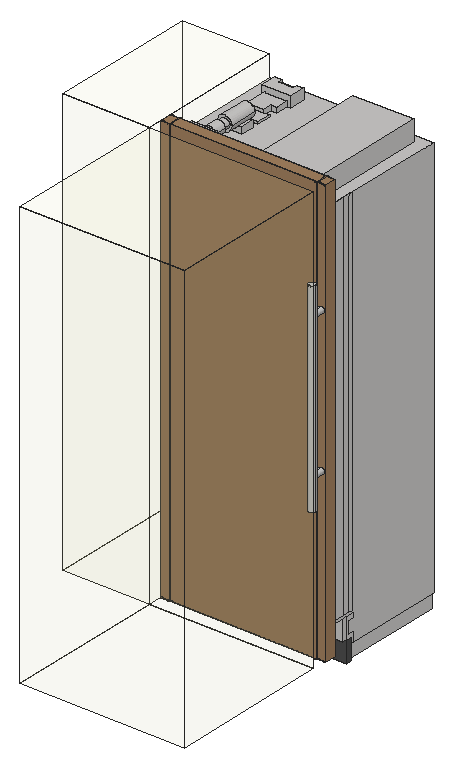
Revit family "P190780JX-078c_JBZFL30IGX_Refrigeration_Columns", category Specialty Equipment, Revit 2026
Family settings
  Round Connector Dimension = Use Diameter
  Part Type = Normal
  Work Plane-Based = No
  Enable Cutting in Views = No
  Always vertical = Yes
  Cut with Voids When Loaded = No
  Maintain Annotation Orientation = No
  Shared = No
  Room Calculation Point = No
Parameters (values of type "JBZFL30IGX")
  Width = 29 3/4"
  Voltage = 0 V
  URL = ""
  Show Clearance [instance] = yes
  Model = "JBZFL30IGX"
  Manufacturer = "Jenn Air"
  Wheel Material = ARCAT - Plastic - Black
  Installation-Fabrication = "https://www.whirlpool.com/content/dam/global/documents/201901/installation-instructions-w10919013-revB.pdf"
  Height = 79 7/8"
  Handle Material = ARCAT - Metal - Steel - Stainless
  Feature 3 = "Remote Access\r\nAccès à distance"
  Feature 2 = "Divinity Freezing\r\nRefroidissement divin"
  Feature 1 = "Over 250 Configurations\r\nPlus de 250 configurations"
  Family Name = "30\" built-in freezer (left hand)"
  Energy Guide = "http://access.whirlpool.com/mr/getMediaType.do?mediaType=Energy Guide&sku=JBZFL30IGX&language=EN"
  Drawn By = ""
  Door Material = ARCAT - Thermal - Wood Fiber Cover Board
  Dimension Guide = "http://access.whirlpool.com/mr/getMediaType.do?mediaType=Dimension_Guide&sku=JBZFL30IGX&language=EN"
  Description = "30” Built-In Freezer Column (Left-Hand Door Swing)\r\nColonne de congélation encastrée prête pour le panneau de recouvrement, charnières à gauche, 30 po"
  Depth = 27 1/8"
  Default Elevation = 0"
  Copyright = ""
  Clearance Material = ARCAT - Clearance
  Body Material = ARCAT - Metal - Steel - Stainless
  Amps = 0 A
  Accent Material = ARCAT - Metal - Steel - Black
Reference planes (in)
  plane 1 "Center (Front/Back)": y = 0
  plane 2: z = 0
  plane 3 "Center (Left/Right)": x = 0
  plane 4: y = -27.125
  plane 5: z = 79.875
  plane 6: x = -14.875
  plane 7: x = 14.875
Forms (in)
  Extrusion 1, solid, material "ARCAT - Thermal - Wood Fiber Cover Board" <- "Door Material"
    sketch origin (-8.875, 5, 48) x (0, 1, 0) y (0, 0, 1)
      loop
        arc (-29.5, -45.4375) -> (-29.48169, -45.48169) -> (-29.4375, -45.5) r 0.0625
        line (-29.4375, -45.5) -> (-27.4375, -45.5)
        arc (-27.4375, -45.5) -> (-27.39331, -45.48169) -> (-27.375, -45.4375) r 0.0625
        line (-27.375, -45.4375) -> (-27.375, 31.8125)
        arc (-27.375, 31.8125) -> (-27.39331, 31.85669) -> (-27.4375, 31.875) r 0.0625
        line (-27.4375, 31.875) -> (-29.4375, 31.875)
        arc (-29.4375, 31.875) -> (-29.48169, 31.85669) -> (-29.5, 31.8125) r 0.0625
        line (-29.5, 31.8125) -> (-29.5, -45.4375)
    from -4.5 to 22.25
  Extrusion 2, solid, material "ARCAT - Metal - Steel - Stainless" <- "Body Material"
    sketch origin (-65.7262, -180.75, 3) x (-1, 0, 0) y (0, -1, 0)
      loop
        line (-50.9137, -180.75) -> (-50.9137, -158.625) -> (-80.5387, -158.625) -> (-80.5387, -180.75) -> (-50.9137, -180.75)
    from 0 to 73.01402
  Extrusion 3, void
    sketch origin (-8.78414, 0, 3.5) x (-1, 0, 0) y (0, 0, -1)
      loop
        line (-22.45914, -9.23738) -> (4.89086, -9.23738) -> (4.89086, -1.01743) -> (-22.45914, -1.01743) -> (-22.45914, -9.23738)
    from 0 to 0.75
  Extrusion 4, solid, material "ARCAT - Metal - Steel - Stainless" <- "Body Material"
    sketch origin (14.15625, 19.833, 48) x (0, 1, 0) y (0, 0, 1)
      loop
        line (-20.11425, -45) -> (-38.38757, -45) -> (-38.38757, -47.5) -> (-20.11425, -47.5) -> (-20.11425, -45)
    from -28.90625 to 0.59375
  Extrusion 5, solid, material "ARCAT - Metal - Steel - Black" <- "Accent Material"
    sketch origin (14.15625, 22.77844, 48) x (0, 1, 0) y (0, 0, 1)
      loop
        line (-41.333, -44.18188) -> (-42.208, -44.18188) -> (-42.208, -48) -> (-41.333, -48) -> (-41.333, -44.18188)
    from -28.90625 to 0.59375
  Extrusion 6, solid, material "ARCAT - Clearance" <- "Clearance Material", visible <- "Show Clearance", detail levels medium+fine
    sketch origin (-20.02372, -21.66757, 27.5) x (1, 0, 0) y (0, 1, 0)
      loop
        line (5.14872, -5.45743) -> (5.14872, -34.70743) -> (34.89872, -34.70743) -> (34.89872, -5.45743) -> (5.14872, -5.45743)
    from -25 to 52.375
  Extrusion 7, solid, material "ARCAT - Metal - Steel - Stainless" <- "Body Material"
    sketch origin (14.15625, -0.25, 0.5) x (0, 0, 1) y (1, 0, 0)
      loop
        circle (1.25, -14.15625) r 0.25
    from 0 to -0.03125
  Extrusion 8, solid, material "ARCAT - Metal - Steel - Stainless" <- "Body Material"
    sketch origin (10.52589, 5.03125, 49.52329) x (0, 1, 0) y (0, 0, 1)
      loop
        line (-5.78125, -45.00586) -> (-5.28417, -45.00586)
        arc (-5.28417, -45.00586) -> (-5.03125, -44.75294) -> (-5.28417, -44.50002) r 0.25292
        line (-5.28417, -44.50002) -> (-5.78125, -44.50002) -> (-5.78125, -45.00586)
    from -24.20089 to 3.14911
  Extrusion 9, void
    sketch origin (11.8125, -0.75, 3) x (0, 1, 0) y (0, 0, -1)
      loop
        line (-21.375, 0) -> (-21.375, -4.76297) -> (-18.9335, -4.76297) -> (-18.9335, -1) -> (-17.80457, -1) -> (-17.80457, 0) -> (-21.375, 0)
    from -3 to 26.625
  Extrusion 10, solid, material "ARCAT - Metal - Steel - Stainless" <- "Body Material"
    sketch origin (-11.8125, -0.75, 3) x (0, -1, 0) y (0, 0, 1)
      loop
        line (18.996, 1) -> (19.746, 1) -> (19.746, 4.7031) -> (18.996, 4.7031) -> (18.996, 1)
    from -26.625 to 3
  Extrusion 11, solid, material "ARCAT - Metal - Steel - Black" <- "Accent Material"
    sketch origin (-7.33037, -22.125, 48) x (1, 0, 0) y (0, 0, 1)
      loop
        line (-5.54463, 26.01402) -> (-5.54463, -38.23703) -> (20.20537, -38.23703) -> (20.20537, 26.01402) -> (-5.54463, 26.01402)
      loop
        line (-7.04463, 27.51402) -> (-7.04463, -39.73703) -> (21.70537, -39.73703) -> (21.70537, 27.51402) -> (-7.04463, 27.51402)
    from 0 to 0.25
  Extrusion 12, solid, material "ARCAT - Thermal - Wood Fiber Cover Board" <- "Door Material"
    sketch origin (-11.875, 5, 48) x (0, 1, 0) y (0, 0, -1)
      loop
        line (-29.5, 45.4375) -> (-29.5, -31.8125)
        arc (-29.5, -31.8125) -> (-29.48169, -31.85669) -> (-29.4375, -31.875) r 0.0625
        line (-29.4375, -31.875) -> (-27.4375, -31.875)
        arc (-27.4375, -31.875) -> (-27.39331, -31.85669) -> (-27.375, -31.8125) r 0.0625
        line (-27.375, -31.8125) -> (-27.375, 45.4375)
        arc (-27.375, 45.4375) -> (-27.39331, 45.48169) -> (-27.4375, 45.5) r 0.0625
        line (-27.4375, 45.5) -> (-29.4375, 45.5)
        arc (-29.4375, 45.5) -> (-29.48169, 45.48169) -> (-29.5, 45.4375) r 0.0625
    from 1.5 to 3
  Extrusion 13, solid, material "ARCAT - Metal - Steel - Stainless" <- "Body Material"
    sketch origin (38.56301, 0, 76.01402) x (1, 0, 0) y (0, 1, 0)
      loop
        line (-53.37551, -22.125) -> (-53.37551, -22.09375) -> (-53.40676, -22.09375) -> (-53.40676, -20.63366) -> (-53.37551, -20.63366) -> (-53.37551, -19.07233) -> (-53.40767, -19.07233) -> (-53.40767, -18.55457) -> (-53.37551, -18.55457) -> (-53.37551, -18.52332) -> (-53.43801, -18.52332) -> (-53.43801, -19.10358) -> (-53.40676, -19.10358) -> (-53.40676, -20.60241) -> (-53.43801, -20.60241) -> (-53.43801, -22.125) -> (-53.37551, -22.125)
    from -67.7823 to 0
  Extrusion 14, solid, material "ARCAT - Thermal - Wood Fiber Cover Board" <- "Door Material"
    sketch origin (11.875, 5, 48) x (0, 1, 0) y (0, 0, 1)
      loop
        arc (-29.5, -45.4375) -> (-29.48169, -45.48169) -> (-29.4375, -45.5) r 0.0625
        line (-29.4375, -45.5) -> (-27.4375, -45.5)
        arc (-27.4375, -45.5) -> (-27.39331, -45.48169) -> (-27.375, -45.4375) r 0.0625
        line (-27.375, -45.4375) -> (-27.375, 31.8125)
        arc (-27.375, 31.8125) -> (-27.39331, 31.85669) -> (-27.4375, 31.875) r 0.0625
        line (-27.4375, 31.875) -> (-29.4375, 31.875)
        arc (-29.4375, 31.875) -> (-29.48169, 31.85669) -> (-29.5, 31.8125) r 0.0625
        line (-29.5, 31.8125) -> (-29.5, -45.4375)
    from 1.5 to 3
  Extrusion 15, solid, material "ARCAT - Metal - Steel - Stainless" <- "Body Material"
    sketch origin (-38.56301, 0, 76.01402) x (-1, 0, 0) y (0, -1, 0)
      loop
        line (-53.37551, 22.125) -> (-53.43801, 22.125) -> (-53.43801, 20.60241) -> (-53.40676, 20.60241) -> (-53.40676, 19.10358) -> (-53.43801, 19.10358) -> (-53.43801, 18.52332) -> (-53.37551, 18.52332) -> (-53.37551, 18.55457) -> (-53.40767, 18.55457) -> (-53.40767, 19.07233) -> (-53.37551, 19.07233) -> (-53.37551, 20.63366) -> (-53.40676, 20.63366) -> (-53.40676, 22.09375) -> (-53.37551, 22.09375) -> (-53.37551, 22.125)
    from -67.7823 to 0
  Extrusion 16, void
    sketch origin (-17.03889, 86.20014, 0.65625) x (-1, 0, 0) y (0, 1, 0)
      loop
        line (-6.00764, -101.76309) -> (-8.03125, -101.76309) -> (-8.03125, -103.26309) -> (-6.00764, -103.26309) -> (-6.00764, -101.76309)
    from -0.81837 to 0.15625
  Extrusion 17, void
    sketch origin (-17.03889, 99.41979, 0.65625) x (-1, 0, 0) y (0, 1, 0)
      loop
        line (-6.00764, -101.76309) -> (-8.03125, -101.76309) -> (-8.03125, -103.26309) -> (-6.00764, -103.26309) -> (-6.00764, -101.76309)
    from -0.81837 to 0.15625
  Extrusion 18, void
    sketch origin (17.03889, 99.41979, 0.65625) x (-1, 0, 0) y (0, 1, 0)
      loop
        line (6.00764, -101.76309) -> (6.00764, -103.26309) -> (8.03125, -103.26309) -> (8.03125, -101.76309) -> (6.00764, -101.76309)
    from -0.81837 to 0.15625
  Extrusion 19, void
    sketch origin (17.03889, 86.20014, 0.65625) x (-1, 0, 0) y (0, 1, 0)
      loop
        line (6.00764, -101.76309) -> (6.00764, -103.26309) -> (8.03125, -103.26309) -> (8.03125, -101.76309) -> (6.00764, -101.76309)
    from -0.81837 to 0.15625
  Extrusion 20, solid, material "ARCAT - Plastic - Black" <- "Wheel Material"
    sketch origin (-10.875, 4.625, 48.15625) x (0, 1, 0) y (0, 0, 1)
      loop
        circle (-7.7183, -47.5) r 0.65625
    from 0 to 0.5
  Extrusion 21, solid, material "ARCAT - Plastic - Black" <- "Wheel Material"
    sketch origin (-9.66389, 4.625, 48.15625) x (0, 1, 0) y (0, 0, 1)
      loop
        circle (-7.7183, -47.5) r 0.65625
    from 0 to 0.5
  Extrusion 22, solid, material "ARCAT - Plastic - Black" <- "Wheel Material"
    sketch origin (-10.875, -8.59465, 48.15625) x (0, 1, 0) y (0, 0, 1)
      loop
        circle (-7.7183, -47.5) r 0.65625
    from 0 to 0.5
  Extrusion 23, solid, material "ARCAT - Plastic - Black" <- "Wheel Material"
    sketch origin (-9.66389, -8.59465, 48.15625) x (0, 1, 0) y (0, 0, 1)
      loop
        circle (-7.7183, -47.5) r 0.65625
    from 0 to 0.5
  Extrusion 24, solid, material "ARCAT - Plastic - Black" <- "Wheel Material"
    sketch origin (-10.375, 4.625, 48.15625) x (0, -1, 0) y (0, 0, -1)
      loop
        circle (7.7183, 47.5) r 0.08852
    from 0 to 0.71111
  Extrusion 25, solid, material "ARCAT - Plastic - Black" <- "Wheel Material"
    sketch origin (-10.375, -8.59465, 48.15625) x (0, -1, 0) y (0, 0, -1)
      loop
        circle (7.7183, 47.5) r 0.08852
    from 0 to 0.71111
  Extrusion 26, solid, material "ARCAT - Plastic - Black" <- "Wheel Material"
    sketch origin (10.875, 4.625, 48.15625) x (0, 1, 0) y (0, 0, -1)
      loop
        circle (-7.7183, 47.5) r 0.65625
    from 0 to 0.5
  Extrusion 27, solid, material "ARCAT - Plastic - Black" <- "Wheel Material"
    sketch origin (9.66389, 4.625, 48.15625) x (0, 1, 0) y (0, 0, -1)
      loop
        circle (-7.7183, 47.5) r 0.65625
    from 0 to 0.5
  Extrusion 28, solid, material "ARCAT - Plastic - Black" <- "Wheel Material"
    sketch origin (9.66389, 4.625, 48.15625) x (0, -1, 0) y (0, 0, -1)
      loop
        circle (7.7183, 47.5) r 0.08852
    from 0 to 0.71111
  Extrusion 29, solid, material "ARCAT - Plastic - Black" <- "Wheel Material"
    sketch origin (9.16389, -8.59465, 48.15625) x (0, 1, 0) y (0, 0, 1)
      loop
        circle (-7.7183, -47.5) r 0.65625
    from 0 to 0.5
  Extrusion 30, solid, material "ARCAT - Plastic - Black" <- "Wheel Material"
    sketch origin (10.375, -8.59465, 48.15625) x (0, 1, 0) y (0, 0, 1)
      loop
        circle (-7.7183, -47.5) r 0.65625
    from 0 to 0.5
  Extrusion 31, solid, material "ARCAT - Plastic - Black" <- "Wheel Material"
    sketch origin (9.66389, -8.59465, 48.15625) x (0, -1, 0) y (0, 0, -1)
      loop
        circle (7.7183, 47.5) r 0.08852
    from 0 to 0.71111
  Extrusion 32, solid, material "ARCAT - Metal - Steel - Stainless" <- "Body Material"
    sketch origin (-62.72727, -180.75, 76.01402) x (-1, 0, 0) y (0, -1, 0)
      loop
        line (-75.28196, -158.625) -> (-75.28196, -179.16793) -> (-64.28196, -179.16793) -> (-64.28196, -158.625) -> (-75.28196, -158.625)
    from 0 to 3.64738
  Extrusion 33, solid, material "ARCAT - Metal - Steel - Stainless" <- "Body Material"
    sketch origin (-5.50044, 82.57514, 0.5) x (0, 1, 0) y (-1, 0, 0)
      loop
        line (-87.38225, 6.33556) -> (-91.38225, 6.33556) -> (-91.38225, 3.33556) -> (-89.79958, 3.33556) -> (-89.79958, 2.33556) -> (-87.38225, 2.33556) -> (-87.38225, 6.33556)
    from 75.51402 to 76.3904
  Extrusion 34, solid, material "ARCAT - Metal - Steel - Stainless" <- "Body Material"
    sketch origin (-5.22559, -24.5, -24) x (0, 0, -1) y (1, 0, 0)
      loop
        line (-103.38048, -2.33556) -> (-103.38048, -6.74707) -> (-100.01402, -6.74707) -> (-100.01402, -2.33556) -> (-103.38048, -2.33556)
    from -3.375 to -2.375
  Revolve 35, solid, material "ARCAT - Metal - Steel - Stainless" <- "Body Material"
    sketch origin (-5.50044, 82.57514, 77.70152) x (0, 1, 0) y (-1, 0, 0)
      loop
        line (-103.70014, 5.74498) -> (-103.70014, 4.26645) -> (-93.9216, 4.26645) -> (-93.9216, 5.57895) -> (-98.97978, 5.57895) -> (-98.97978, 5.07895) -> (-100.30709, 5.07895) -> (-100.30709, 5.32895) -> (-102.55709, 5.32895) -> (-103.70014, 5.74498)
      axis (-93.9216, 4.26645) -> (-103.70014, 4.26645)
    angle from 180 to -180
  Extrusion 36, solid, material "ARCAT - Metal - Steel - Stainless" <- "Body Material"
    sketch origin (-5.50044, 78.57514, 0.5) x (0, 1, 0) y (-1, 0, 0)
      loop
        line (-87.38225, 6.33556) -> (-89.9216, 6.33556) -> (-89.9216, 2.33556) -> (-87.38225, 2.33556) -> (-87.38225, 6.33556)
    from 75.51402 to 75.88902
  Extrusion 37, solid, material "ARCAT - Metal - Steel - Stainless" <- "Body Material"
    sketch origin (-9.76689, -11.34646, 77.70152) x (0, 0, -1) y (-1, 0, 0)
      loop
        line (0.51449, -1.38614) -> (0.51449, -1.9671) -> (1.6875, -1.9671) -> (1.6875, 1.9671) -> (0.51449, 1.9671) -> (0.51449, 1.38614)
        arc (0.51449, 1.38614) -> (1.47854, 0) -> (0.51449, -1.38614) r 1.47854
    from -3.65498 to -1.23435
  Extrusion 38, solid, material "ARCAT - Metal - Steel - Stainless" <- "Body Material"
    sketch origin (39.31257, 0, 76.01402) x (1, 0, 0) y (0, 1, 0)
      loop
        line (-51.63225, -4.8071) -> (-46.52666, -4.8071) -> (-46.52666, -1.85812) -> (-47.77666, -1.85812) -> (-47.77666, -2.60812) -> (-50.38225, -2.60812) -> (-50.38225, -1.85812) -> (-51.63225, -1.85812) -> (-51.63225, -4.8071)
    from 0 to 1.88772
  Extrusion 39, solid, material "ARCAT - Metal - Steel - Stainless" <- "Handle Material"
    sketch origin (36.125, -180.0372, 27.75) x (1, 0, 0) y (0, 1, 0)
      loop
        circle (-22, 153.5) r 0.5878
    from 0 to 36.625
  Extrusion 40, solid, material "ARCAT - Metal - Steel - Stainless" <- "Handle Material"
    sketch origin (22.25, -24.5, -24) x (0, 0, -1) y (1, 0, 0)
      loop
        circle (-83.375, -8.125) r 0.5
    from 0 to 1.77208
  Extrusion 41, solid, material "ARCAT - Metal - Steel - Stainless" <- "Handle Material"
    sketch origin (22.25, -24.5, -50.625) x (0, 0, -1) y (1, 0, 0)
      loop
        circle (-83.875, -8.125) r 0.5
    from 0 to 1.77208
  Extrusion 42, solid, material "ARCAT - Clearance" <- "Clearance Material", visible <- "Show Clearance", detail levels medium+fine
    sketch origin (-13.97628, -21.66757, 27.5) x (-1, 0, 0) y (0, -1, 0)
      loop
        line (0.89872, -21.66757) -> (16.58622, -21.66757) -> (16.58622, 5.45743) -> (0.89872, 5.45743) -> (0.89872, -21.66757)
    from -25 to 52.375
  Extrusion 43, solid, material "ARCAT - Metal - Steel - Stainless" <- "Body Material"
    sketch origin (14.8125, -0.75, 3) x (0, -1, 0) y (0, 0, -1)
      loop
        line (18.9335, -4.76297) -> (18.9335, -1) -> (17.80457, -1) -> (17.80457, 0) -> (17.59349, 0) -> (17.59349, -1.76297) -> (18.7381, -1.76297) -> (18.7381, -4.01297) -> (17.59349, -4.01297) -> (17.59349, -4.76297) -> (18.9335, -4.76297)
    from 0 to 0.0625
  Extrusion 44, solid, material "ARCAT - Metal - Steel - Stainless" <- "Body Material"
    sketch origin (-14.8125, -0.75, 3) x (0, -1, 0) y (0, 0, 1)
      loop
        line (18.9335, 4.76297) -> (17.59349, 4.76297) -> (17.59349, 4.01297) -> (18.7381, 4.01297) -> (18.7381, 1.76297) -> (17.59349, 1.76297) -> (17.59349, 0) -> (17.80457, 0) -> (17.80457, 1) -> (18.9335, 1) -> (18.9335, 4.76297)
    from 0 to 0.0625
Cuts and joins
  Extrusion 3, Extrusion 9 cuts Extrusion 2
  Extrusion 16, Extrusion 17, Extrusion 18, Extrusion 19 cuts Extrusion 4
  joined: Extrusion 39, Extrusion 40, Extrusion 41
Lines and regions (in)
  symbolic lines, style "SpecialityEquipment"
    curve 1: line (-14.875, 0, 0) -> (14.875, 0, 0)
    curve 2: line (14.875, -24.5, 0) -> (-14.875, -24.5, 0)
    curve 3: line (-14.875, -24.5, 0) -> (-14.875, 0, 0)
    curve 4: line (14.875, 0, 0) -> (14.875, -24.5, 0)
    curve 5: line (13.62483, -26.22843, 0) -> (13.62483, -24.5, 0)
    curve 6: line (14.625, -26.22815, 0) -> (14.625, -24.5, 0)
    curve 7: circle (14.125, -26.5372, 0) r 0.5878 normal (0, 0, -1)
Dimensions and locks (in)
  "Depth": plane 1 "Center (Front/Back)" to plane 4
  "Height": plane 5 to plane 2
  "Width": plane 6 to plane 7
  equal spacing: plane 6, plane 3 "Center (Left/Right)", plane 7
  aligned and locked: plane 2 to level
Automatic sketch dimensions
  plane 1 "Center (Front/Back)" to curve 3 = 0"
  curve 3 to plane 6 = 0"
  curve 1 to plane 7 = 0"
  curve 7 to plane 7 = 3/4"
  plane 4 to curve 2 = 2 5/8"
  plane 4 to curve 7 = 0.5878"
  curve 5 to curve 7 = 0.50017"
  curve 6 to plane 7 = 1/4"
  curve 7 to curve 6 = 0.30905"
  Extrusion 1 sketch curve to plane 5 = 0"
  plane 4 to Extrusion 1 sketch curve = 2 5/8"
  Extrusion 1 sketch curve to Extrusion 1 sketch curve = 1/16"  (x3)
  Extrusion 1 sketch curve to Extrusion 1 sketch curve = 2"  (x2)
  level to Extrusion 1 sketch curve = 2 9/16"
  plane 1 "Center (Front/Back)" to Extrusion 2 sketch curve = 0"
  Extrusion 2 sketch curve to plane 7 = 1/16"
  plane 6 to Extrusion 2 sketch curve = 1/16"
  plane 4 to Extrusion 2 sketch curve = 5"
  Extrusion 2 to Extrusion 3 sketch curve = 1.1375"  (x2)
  Extrusion 3 sketch curve to Extrusion 2 = 9.73738"
  Extrusion 3 sketch curve to Extrusion 2 = 1.51743"
  level to Extrusion 4 sketch curve = 3"
  plane 4 to Extrusion 4 sketch curve = 8.57043"
  plane 1 "Center (Front/Back)" to Extrusion 4 sketch curve = 9/32"
  level to Extrusion 4 sketch curve = 1/2"
  Extrusion 5 sketch curve to level = 0"
  level to Extrusion 5 sketch curve = 3.81812"
  plane 4 to Extrusion 5 sketch curve = 7.69543"
  Extrusion 5 sketch curve to Extrusion 5 sketch curve = 7/8"
  Extrusion 6 sketch curve to plane 6 = 0"
  Extrusion 6 sketch curve to plane 7 = 0"
  Extrusion 6 sketch curve to plane 4 = 0"
  Extrusion 6 sketch curve to Extrusion 6 sketch curve = 29 1/4"
  Extrusion 7 sketch curve to plane 3 "Center (Left/Right)" = 0"
  level to Extrusion 7 sketch curve = 1 3/4"
  plane 1 "Center (Front/Back)" to Extrusion 8 sketch curve = 3/4"
  plane 1 "Center (Front/Back)" to Extrusion 8 sketch curve = 0.25292"
  level to Extrusion 8 sketch curve = 4.51743"
  Extrusion 8 sketch curve to Extrusion 8 sketch curve = 0.25292"
  plane 4 to Extrusion 9 sketch curve = 5"
  Extrusion 9 sketch curve to Extrusion 9 sketch curve = 2.4415"
  Extrusion 9 sketch curve to Extrusion 9 sketch curve = 1.12893"
  level to Extrusion 9 sketch curve = 7.76297"
  Extrusion 9 sketch curve to Extrusion 9 sketch curve = 3.76297"
  Extrusion 9 sketch curve to Extrusion 9 sketch curve = 1"
  plane 4 to Extrusion 10 sketch curve = 7.379"
  Extrusion 10 sketch curve to Extrusion 10 sketch curve = 3/4"
  level to Extrusion 10 sketch curve = 4"
  Extrusion 10 sketch curve to Extrusion 10 sketch curve = 3.7031"
  plane 6 to Extrusion 11 sketch curve = 1/2"
  plane 6 to Extrusion 11 sketch curve = 2"
  Extrusion 11 sketch curve to plane 7 = 2"
  Extrusion 11 sketch curve to plane 7 = 1/2"
  level to Extrusion 11 sketch curve = 8.26297"
  Extrusion 11 sketch curve to Extrusion 11 sketch curve = 1 1/2"  (x2)
  Extrusion 11 sketch curve to plane 5 = 5.86098"
  Extrusion 12 sketch curve to plane 5 = 0"
  plane 4 to Extrusion 12 sketch curve = 2 5/8"
  Extrusion 12 sketch curve to Extrusion 12 sketch curve = 1/16"  (x2)
  Extrusion 12 sketch curve to Extrusion 12 sketch curve = 2"  (x2)
  Extrusion 12 sketch curve to plane 5 = 1/16"
  level to Extrusion 12 sketch curve = 2 9/16"
  Extrusion 13 sketch curve to plane 6 = 0"  (x2)
  plane 6 to Extrusion 13 sketch curve = 0.03034"
  plane 6 to Extrusion 13 sketch curve = 1/32"
  Extrusion 13 sketch curve to Extrusion 13 sketch curve = 1/32"  (x6)
  Extrusion 13 sketch curve to Extrusion 13 sketch curve = 0.03216"  (x2)
  plane 4 to Extrusion 13 sketch curve = 5"
  Extrusion 13 sketch curve to Extrusion 13 sketch curve = 1.46009"
  Extrusion 13 sketch curve to Extrusion 13 sketch curve = 1.49883"
  Extrusion 13 sketch curve to Extrusion 13 sketch curve = 0.51777"
  Extrusion 14 sketch curve to plane 5 = 0"
  plane 4 to Extrusion 14 sketch curve = 2 5/8"
  Extrusion 14 sketch curve to Extrusion 14 sketch curve = 1/16"  (x3)
  Extrusion 14 sketch curve to Extrusion 14 sketch curve = 2"  (x2)
  level to Extrusion 14 sketch curve = 2 9/16"
  Extrusion 15 sketch curve to plane 7 = 0"  (x2)
  Extrusion 15 sketch curve to plane 7 = 0.03034"
  Extrusion 15 sketch curve to plane 7 = 1/32"  (x2)
  Extrusion 15 sketch curve to Extrusion 15 sketch curve = 0.03216"  (x2)
  Extrusion 15 sketch curve to Extrusion 15 sketch curve = 1/32"  (x5)
  plane 4 to Extrusion 15 sketch curve = 8.60168"
  Extrusion 15 sketch curve to Extrusion 15 sketch curve = 0.51777"
  Extrusion 15 sketch curve to Extrusion 15 sketch curve = 1.49883"
  Extrusion 15 sketch curve to Extrusion 15 sketch curve = 1.46009"
  plane 6 to Extrusion 16 sketch curve = 5.86736"
  Extrusion 16 sketch curve to Extrusion 16 sketch curve = 2.02361"
  plane 4 to Extrusion 16 sketch curve = 11.56205"
  Extrusion 16 sketch curve to Extrusion 16 sketch curve = 1 1/2"
  plane 1 "Center (Front/Back)" to Extrusion 17 sketch curve = 2.3433"
  plane 6 to Extrusion 17 sketch curve = 5.86736"
  Extrusion 17 sketch curve to Extrusion 17 sketch curve = 2.02361"
  Extrusion 17 sketch curve to Extrusion 17 sketch curve = 1 1/2"
  Extrusion 18 sketch curve to plane 7 = 3 27/32"
  Extrusion 18 sketch curve to Extrusion 18 sketch curve = 2.02361"
  plane 1 "Center (Front/Back)" to Extrusion 18 sketch curve = 2.3433"
  Extrusion 18 sketch curve to Extrusion 18 sketch curve = 1 1/2"
  Extrusion 19 sketch curve to plane 7 = 3 27/32"
  Extrusion 19 sketch curve to Extrusion 19 sketch curve = 2.02361"
  plane 4 to Extrusion 19 sketch curve = 11.56205"
  Extrusion 19 sketch curve to Extrusion 19 sketch curve = 1 1/2"
  level to Extrusion 20 sketch curve = 21/32"
  plane 1 "Center (Front/Back)" to Extrusion 20 sketch curve = 3.0933"
  level to Extrusion 21 sketch curve = 21/32"
  plane 1 "Center (Front/Back)" to Extrusion 21 sketch curve = 3.0933"
  level to Extrusion 22 sketch curve = 21/32"
  plane 4 to Extrusion 22 sketch curve = 10.81205"
  level to Extrusion 23 sketch curve = 21/32"
  plane 4 to Extrusion 23 sketch curve = 10.81205"
  level to Extrusion 24 sketch curve = 21/32"
  plane 1 "Center (Front/Back)" to Extrusion 24 sketch curve = 3.0933"
  level to Extrusion 25 sketch curve = 21/32"
  plane 4 to Extrusion 25 sketch curve = 10.81205"
  level to Extrusion 26 sketch curve = 21/32"
  plane 1 "Center (Front/Back)" to Extrusion 26 sketch curve = 3.0933"
  level to Extrusion 27 sketch curve = 21/32"
  plane 1 "Center (Front/Back)" to Extrusion 27 sketch curve = 3.0933"
  level to Extrusion 29 sketch curve = 21/32"
  plane 4 to Extrusion 29 sketch curve = 10.81205"
  level to Extrusion 30 sketch curve = 21/32"
  plane 4 to Extrusion 30 sketch curve = 10.81205"
  level to Extrusion 31 sketch curve = 21/32"
  plane 4 to Extrusion 31 sketch curve = 10.81205"
  Extrusion 32 sketch curve to plane 7 = 2 41/128"
  plane 3 "Center (Left/Right)" to Extrusion 32 sketch curve = 1 71/128"
  plane 1 "Center (Front/Back)" to Extrusion 32 sketch curve = 1.58207"
  plane 4 to Extrusion 32 sketch curve = 5"
  plane 6 to Extrusion 33 sketch curve = 3.039"
  plane 1 "Center (Front/Back)" to Extrusion 33 sketch curve = 8.8071"
  Extrusion 33 sketch curve to Extrusion 33 sketch curve = 1.58267"
  Extrusion 33 sketch curve to Extrusion 33 sketch curve = 2.41733"
  Extrusion 33 sketch curve to Extrusion 33 sketch curve = 3"
  Extrusion 33 sketch curve to Extrusion 33 sketch curve = 1"
  Extrusion 34 sketch curve to plane 5 = 0.49451"
  Extrusion 34 sketch curve to Extrusion 34 sketch curve = 3.36646"
  plane 6 to Extrusion 34 sketch curve = 2 231/256"
  Extrusion 34 sketch curve to Extrusion 34 sketch curve = 4.41151"
  plane 4 to Revolve 35 sketch curve = 6"
  Revolve 35 sketch curve to Revolve 35 sketch curve = 1.14305"
  Revolve 35 sketch curve to Revolve 35 sketch curve = 2 1/4"
  Revolve 35 sketch curve to Revolve 35 sketch curve = 1.32731"
  Revolve 35 sketch curve to Revolve 35 sketch curve = 5.05818"
  plane 6 to Revolve 35 sketch curve = 5.10811"
  Revolve 35 sketch curve to Revolve 35 sketch curve = 13/16"
  Revolve 35 sketch curve to Revolve 35 sketch curve = 1/4"  (x2)
  Revolve 35 sketch curve to Revolve 35 sketch curve = 1/2"
  Revolve 35 sketch curve to Revolve 35 sketch curve = 0.41604"
  Revolve 35 sketch curve to Revolve 35 sketch curve = 3.53396"
  Revolve 35 sketch curve to Revolve 35 sketch curve = 0"
  plane 6 to Extrusion 36 sketch curve = 3.039"
  plane 1 "Center (Front/Back)" to Extrusion 36 sketch curve = 11.34646"
  Extrusion 36 sketch curve to Extrusion 36 sketch curve = 2.53936"
  Extrusion 36 sketch curve to Extrusion 36 sketch curve = 4"
  Revolve 35 to Extrusion 37 sketch curve = 0.51449"  (x2)
  Extrusion 37 sketch curve to Extrusion 37 sketch curve = 1.17301"
  Extrusion 37 sketch curve to Extrusion 37 sketch curve = 0.58096"  (x2)
  plane 6 to Extrusion 38 sketch curve = 2.55532"
  Extrusion 38 sketch curve to Extrusion 38 sketch curve = 1 1/4"  (x2)
  Extrusion 38 sketch curve to Extrusion 38 sketch curve = 2.60559"
  plane 1 "Center (Front/Back)" to Extrusion 38 sketch curve = 4.8071"
  Extrusion 38 sketch curve to Extrusion 38 sketch curve = 2.19898"
  Extrusion 38 sketch curve to Extrusion 38 sketch curve = 3/4"  (x2)
  Extrusion 39 sketch curve to plane 7 = 3/4"
  plane 4 to Extrusion 39 sketch curve = 0.5878"
  Extrusion 40 sketch curve to plane 7 = 3/4"
  Extrusion 40 sketch curve to plane 5 = 20 1/2"
  Extrusion 41 sketch curve to plane 7 = 3/4"
  level to Extrusion 41 sketch curve = 33 1/4"
  Extrusion 42 sketch curve to plane 4 = 0"
  Extrusion 42 sketch curve to plane 6 = 0"
  plane 1 "Center (Front/Back)" to Extrusion 42 sketch curve = 0"
  Extrusion 42 sketch curve to plane 6 = 15 11/16"
  Extrusion 43 sketch curve to Extrusion 2 = 0"
  Extrusion 2 to Extrusion 43 sketch curve = 1.76297"
  Extrusion 2 to Extrusion 43 sketch curve = 3.78151"
  Extrusion 43 sketch curve to Extrusion 43 sketch curve = 0"
  Extrusion 43 sketch curve to Extrusion 43 sketch curve = 0.21107"
  Extrusion 43 sketch curve to Extrusion 43 sketch curve = 1.1446"
  Extrusion 43 sketch curve to Extrusion 43 sketch curve = 0.1954"
  Extrusion 43 sketch curve to Extrusion 43 sketch curve = 2 1/4"
  Extrusion 43 sketch curve to Extrusion 43 sketch curve = 3/4"
  Extrusion 43 sketch curve to Extrusion 43 sketch curve = 0.76297"
  plane 4 to Extrusion 44 sketch curve = 8.78151"
  Extrusion 44 sketch curve to Extrusion 44 sketch curve = 0"
  Extrusion 44 sketch curve to Extrusion 44 sketch curve = 0.21107"
  Extrusion 44 sketch curve to Extrusion 44 sketch curve = 1.1446"
  Extrusion 44 sketch curve to Extrusion 44 sketch curve = 0.1954"
  level to Extrusion 44 sketch curve = 3"
  Extrusion 44 sketch curve to Extrusion 44 sketch curve = 1"
  Extrusion 44 sketch curve to Extrusion 44 sketch curve = 0.76297"
  Extrusion 44 sketch curve to Extrusion 44 sketch curve = 2 1/4"
  Extrusion 44 sketch curve to Extrusion 44 sketch curve = 3/4"
  radius of Extrusion 7 sketch curve = 1/4"
  radius of Extrusion 20 sketch curve = 21/32"
  radius of Extrusion 21 sketch curve = 21/32"
  radius of Extrusion 22 sketch curve = 21/32"
  radius of Extrusion 23 sketch curve = 21/32"
  radius of Extrusion 24 sketch curve = 0.08852"
  radius of Extrusion 25 sketch curve = 0.08852"
  radius of Extrusion 26 sketch curve = 21/32"
  radius of Extrusion 27 sketch curve = 21/32"
  radius of Extrusion 28 sketch curve to Extrusion 27 = 0.56773"
  radius of Extrusion 29 sketch curve = 21/32"
  radius of Extrusion 30 sketch curve = 21/32"
  radius of Extrusion 31 sketch curve = 0.08852"
  radius of Revolve 35 to Extrusion 37 sketch curve = 0.16604"
  radius of Extrusion 39 sketch curve = 0.5878"
  radius of Extrusion 40 sketch curve = 1/2"
  radius of Extrusion 41 sketch curve = 1/2"
Connectors (in)
  electrical at (0, -0.25, 1.75), driven by "Voltage"
    settings: on Extrusion 7, index 1, voltage 0 V, apparent load 0 VA, apparent load phase1 0 VA, apparent load phase2 0 VA, apparent load phase3 0 VA, power factor 1, load classification "Other", number of poles 1, system type 30, power factor state 1, is connector primary yes, connector utility no, sub classification motor no, connector description "Electrical Connection"
